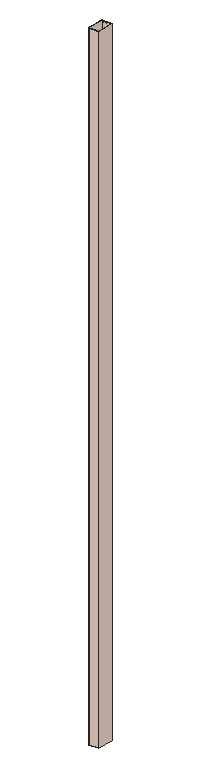
Revit family "sq4575", category 機械設備, Revit 2022
Family settings
  丸型コネクタ寸法 = 直径を使用
  種別 = なし
  パーツ タイプ = 標準
  作業面ベース = いいえ
  常に垂直 = はい
  ロード時にボイドで切り取り = いいえ
  注釈の向きを維持 = いいえ
  共有 = いいえ
  部屋計算ポイント = いいえ
Parameters
  製造元 = "株式会社桐井製作所"
  既定の高さ = 0 mm
  URL = "https://www.kirii.co.jp/"
  K_長さ(mm) [instance] = 3000 mm
  K_材質 = "SGCC　一般用"
  K_断面積A(mm2) = 111.1
  K_断面係数Zy(mm3) = 1747
  K_断面係数Zx(mm3) = 2229
  K_断面2次半径iy(mm) = 19.3
  K_断面2次半径ix(mm) = 27.4
  K_断面2次モーメントIy(mm4) = 41560
  K_断面2次モーメントIx(mm4) = 83590
  K_外形寸法(mm) = "□45×75"
  K_品名 = "SQ-BAR4575"
  K_名称 = "角型スタッド"
  K_単位質量(kg/m) = 0.903
  K_ヤング係数E(N/mm2) = 205000
  K_バージョン情報 = "20210524"
  K_めっき付着量 = "Z08"
  K_JIS規格 = "JIS G 3302"
Reference planes
  plane 1 "中心(正面/背面)": y = 0
  plane 2: z = 0
  plane 3 "中心(左/右)": x = 0
  plane 4: x = 22.5
  plane 5: x = -22.5
  plane 6: y = 37.5
  plane 7: z = 3000
  plane 8: y = -37.5
Forms (mm)
  Extrusion 1, solid
    sketch origin (0.5, -20, 0) x (1, 0, 0) y (0, 1, 0)
      loop
        line (-23, 57.5) -> (-23, -17.5) -> (22, -17.5) -> (22, 57.5) -> (-23, 57.5)
      loop
        line (-22.5, 57) -> (-22.5, -17) -> (21.5, -17) -> (21.5, 57) -> (-22.5, 57)
    from 0 to 3000
Dimensions and locks
  locked: Extrusion 1 sketch curve to Extrusion 1 sketch curve at 0.5  (x4)
  "K_長さ(mm)": plane 7 to level
  aligned and locked: level to plane 2
  aligned and locked: Extrusion 1 sketch curve to plane 6
  aligned and locked: plane 7 to Extrusion 1
  aligned and locked: plane 6 to Extrusion 1
  aligned and locked: Extrusion 1 to plane 8
  aligned and locked: Extrusion 1 to plane 5
  aligned and locked: plane 4 to Extrusion 1
Automatic sketch dimensions
  Extrusion 1 sketch curve to plane 4 = 0.5 mm
  plane 5 to Extrusion 1 sketch curve = 0.5 mm
  plane 1 "中心(正面/背面)" to Extrusion 1 sketch curve = 37 mm
